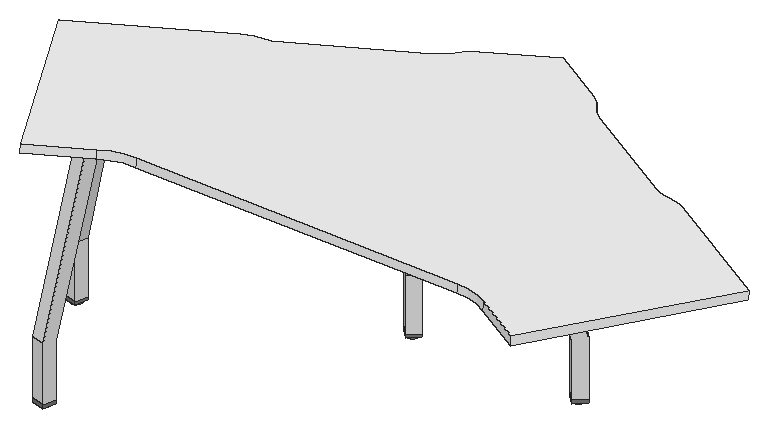
Revit family "Script Angled Leg 120 degree workstation 600 Deep Add on desk pack", category Furniture, Revit 2016
Family settings
  OmniClass Number = 23.40.20.00
  OmniClass Title = General Furniture and Specialties
  Work Plane-Based = No
  Always vertical = Yes
  Cut with Voids When Loaded = No
  Shared = No
  Room Calculation Point = No
Parameters
  URL = "www.gof.co.uk"
  Type Comments = ""
  Product Code = "XDY126A"
  Desktop = Gresham - White MFC
  Model = ""
  Manufacturer = "Gresham Office Furniture"  # constant formula
  Frame = Gresham - Silver Metal
  Foot = Gresham - Black Plastic
  Assembly Code = "E2020200"
Reference planes
  plane 1 "Center (Front/Back)": y = 28.205
  plane 2: z = 0
  plane 3 "Center (Left/Right)": x = 0
  plane 4 "Desktop Underside": z = 702
  plane 5 "Foot": z = 15
  plane 6: y = 588.013
  plane 7: y = -531.603
  plane 8: x = -1039.23
  plane 9: x = 1039.23
Forms (mm)
  Extrusion 1, solid, material "Gresham - White MFC" <- "Desktop"
    sketch origin (-75914.205, -35054.404, 702) x (-1, 0, 0) y (0, -1, 0)
      loop
        line (-76087.41, -35542.417) -> (-75914.205, -35642.417) -> (-75741, -35542.417)
        arc (-75741, -35542.417) -> (-75718.866, -35525.981) -> (-75701.067, -35504.928) r 120
        arc (-75701.067, -35504.928) -> (-75683.269, -35483.875) -> (-75661.135, -35467.44) r 120
        line (-75661.135, -35467.44) -> (-75352.23, -35289.093)
        arc (-75352.23, -35289.093) -> (-75326.93, -35278.143) -> (-75299.798, -35273.255) r 120
        arc (-75299.798, -35273.255) -> (-75272.666, -35268.368) -> (-75247.365, -35257.417) r 120
        line (-75247.365, -35257.417) -> (-74874.974, -35042.417) -> (-75174.974, -34522.802) -> (-75330.859, -34612.802)
        arc (-75330.859, -34612.802) -> (-75379.095, -34632.782) -> (-75430.859, -34639.597) r 200
        line (-75430.859, -34639.597) -> (-76397.551, -34639.597)
        arc (-76397.551, -34639.597) -> (-76449.315, -34632.782) -> (-76497.551, -34612.802) r 200
        line (-76497.551, -34612.802) -> (-76653.435, -34522.802) -> (-76953.435, -35042.417) -> (-76581.045, -35257.417)
        arc (-76581.045, -35257.417) -> (-76555.744, -35268.368) -> (-76528.612, -35273.255) r 120
        arc (-76528.612, -35273.255) -> (-76501.48, -35278.143) -> (-76476.18, -35289.093) r 120
        line (-76476.18, -35289.093) -> (-76167.275, -35467.44)
        arc (-76167.275, -35467.44) -> (-76145.141, -35483.875) -> (-76127.342, -35504.928) r 120
        arc (-76127.342, -35504.928) -> (-76109.544, -35525.981) -> (-76087.41, -35542.417) r 120
    from 0 to 25
  Extrusion 2, solid, material "Gresham - Silver Metal" <- "Frame"
    sketch origin (-300, 385.94, 702) x (0.707107, -0.707107, 0) y (0, 0, 1)
      loop
        line (444.264, -40) -> (444.264, 0) -> (187, 0) -> (50, -523) -> (50, -687) -> (90, -687) -> (90, -528.152) -> (217.872, -40) -> (444.264, -40)
    from -20 to 20
  Extrusion 3, solid, material "Gresham - Black Plastic" <- "Foot"
    sketch origin (0, -514.06, 15) x (0, -1, 0) y (1, 0, 0)
      loop
        line (-850.503, -278.787) -> (-822.218, -250.503) -> (-850.503, -222.218) -> (-878.787, -250.503) -> (-850.503, -278.787)
      loop
        line (-850.503, 278.787) -> (-878.787, 250.503) -> (-850.503, 222.218) -> (-822.218, 250.503) -> (-850.503, 278.787)
    from 0 to -10
  Extrusion 4, solid, material "Gresham - Black Plastic"
    sketch origin (0, -514.06, 0) x (0, 1, 0) y (-1, 0, 0)
      loop
        circle (850.503, 250.503) r 15
      loop
        circle (850.503, -250.503) r 15
    from 0 to 5
  Extrusion 5, solid, material "Gresham - Silver Metal" <- "Frame"
    sketch origin (300, 385.94, 702) x (-0.707107, -0.707107, 0) y (0, 0, 1)
      loop
        line (444.264, -40) -> (444.264, 0) -> (187, 0) -> (50, -523) -> (50, -687) -> (90, -687) -> (90, -528.152) -> (217.872, -40) -> (444.264, -40)
    from -20 to 20
  Extrusion 6, solid, material "Gresham - Silver Metal" <- "Frame"
    sketch origin (-1039.23, -11.987, 702) x (0.965926, -0.258819, 0) y (0, 0, 1)
      loop
        line (444.264, -40) -> (444.264, 0) -> (187, 0) -> (50, -523) -> (50, -687) -> (90, -687) -> (90, -528.152) -> (217.872, -40) -> (444.264, -40)
    from -20 to 20
  Extrusion 7, solid, material "Gresham - Black Plastic" <- "Foot"
    sketch origin (-109.808, 178.205, 15) x (0.866025, 0.5, 0) y (-0.5, 0.866025, 0)
      loop
        line (-850.503, 278.787) -> (-878.787, 250.503) -> (-850.503, 222.218) -> (-822.218, 250.503) -> (-850.503, 278.787)
      loop
        line (-850.503, -278.787) -> (-822.218, -250.503) -> (-850.503, -222.218) -> (-878.787, -250.503) -> (-850.503, -278.787)
    from 0 to -10
  Extrusion 8, solid, material "Gresham - Black Plastic"
    sketch origin (-109.808, 178.205, 0) x (-0.866025, -0.5, 0) y (0.5, -0.866025, 0)
      loop
        circle (850.503, -250.503) r 15
      loop
        circle (850.503, 250.503) r 15
    from 0 to 5
  Extrusion 9, solid, material "Gresham - Silver Metal" <- "Frame"
    sketch origin (-739.23, -531.603, 702) x (0.258819, 0.965926, 0) y (0, 0, -1)
      loop
        line (444.264, 40) -> (217.872, 40) -> (90, 528.152) -> (90, 687) -> (50, 687) -> (50, 523) -> (187, 0) -> (444.264, 0) -> (444.264, 40)
    from -20 to 20
Cuts and joins
  joined: Extrusion 2, Extrusion 5
  joined: Extrusion 6, Extrusion 9
Lines and regions (mm)
  reference lines
    curve 1: line (-300, 385.94, 702) -> (0, 85.94, 702)
    curve 2: line (300, 385.94, 702) -> (0, 85.94, 702)
    curve 3: line (-1039.23, -11.987, 702) -> (-629.423, -121.795, 702)
    curve 4: line (-739.23, -531.603, 702) -> (-629.423, -121.795, 702)
Dimensions and locks
  locked: plane 4 "Desktop Underside" to plane 2 at 702
  locked: plane 2 to plane 5 "Foot" at 15
  equal spacing: plane 7, plane 1 "Center (Front/Back)", plane 6
  plane 7 to plane 6 = 1119.615 mm
  Extrusion 1 to Extrusion 1 = 2078.461 mm
  locked: curve 3 to Extrusion 6 at 50
  locked: curve 2 to cut or joined group of Extrusion 2, Extrusion 5 at 50
  locked: curve 1 to cut or joined group of Extrusion 2, Extrusion 5 at 50
  aligned and locked: level to plane 2
Automatic sketch dimensions
  curve 2 to plane 3 "Center (Left/Right)" = 0 mm
  curve 4 to plane 7 = 0 mm
  plane 1 "Center (Front/Back)" to curve 3 = 150 mm
  curve 3 to plane 3 "Center (Left/Right)" = 629.423 mm
  curve 1 to plane 1 "Center (Front/Back)" = 57.735 mm
  plane 3 "Center (Left/Right)" to curve 2 = 300 mm
  curve 1 to plane 3 "Center (Left/Right)" = 300 mm
  curve 3 to curve 4 = 109.808 mm
  plane 1 "Center (Front/Back)" to curve 3 = 40.192 mm
  plane 6 to curve 1 = 202.073 mm
  Extrusion 1 sketch curve to plane 7 = 0 mm  (x2)
  Extrusion 1 sketch curve to plane 3 "Center (Left/Right)" = 0 mm
  plane 6 to Extrusion 1 sketch curve = 0 mm
  plane 3 "Center (Left/Right)" to Extrusion 1 sketch curve = 113.205 mm
  Extrusion 1 sketch curve to Extrusion 1 sketch curve = 60 mm  (x6)
  Extrusion 1 sketch curve to Extrusion 1 sketch curve = 79.865 mm  (x2)
  plane 6 to Extrusion 1 sketch curve = 71.054 mm  (x2)
  Extrusion 1 sketch curve to plane 7 = 83.205 mm  (x2)
  plane 3 "Center (Left/Right)" to Extrusion 1 sketch curve = 483.346 mm
  Extrusion 1 sketch curve to plane 1 "Center (Front/Back)" = 206.484 mm  (x2)
  Extrusion 1 sketch curve to Extrusion 1 sketch curve = 308.905 mm  (x2)
  plane 7 to Extrusion 1 sketch curve = 90 mm  (x2)
  Extrusion 1 sketch curve to Extrusion 1 sketch curve = 100 mm
  Extrusion 1 sketch curve to plane 1 "Center (Front/Back)" = 70.885 mm  (x2)
  Extrusion 1 sketch curve to Extrusion 1 sketch curve = 44.865 mm  (x2)
  Extrusion 1 sketch curve to plane 1 "Center (Front/Back)" = 174.808 mm  (x2)
  Extrusion 1 sketch curve to Extrusion 1 sketch curve = 104.865 mm  (x2)
  Extrusion 1 sketch curve to Extrusion 1 sketch curve = 155.885 mm  (x2)
  Extrusion 1 sketch curve to plane 3 "Center (Left/Right)" = 113.205 mm
  Extrusion 1 sketch curve to plane 3 "Center (Left/Right)" = 483.346 mm
  plane 6 to Extrusion 1 sketch curve = 100 mm  (x2)
  Extrusion 1 sketch curve to Extrusion 1 sketch curve = 74.977 mm  (x2)
  Extrusion 1 sketch curve to Extrusion 1 sketch curve = 103.923 mm  (x4)
  curve 1 to Extrusion 2 sketch curve = 0 mm
  curve 1 to Extrusion 2 sketch curve = 50 mm
  Extrusion 2 sketch curve to Extrusion 2 sketch curve = 40 mm
  curve 1 to Extrusion 2 sketch curve = 187 mm
  Extrusion 2 sketch curve to Extrusion 2 sketch curve = 30.872 mm
  curve 1 to Extrusion 2 sketch curve = 20 mm
  Extrusion 2 sketch curve to curve 1 = 40 mm
  Extrusion 2 sketch curve to curve 1 = 523 mm
  Extrusion 2 sketch curve to Extrusion 2 sketch curve = 5.152 mm
  Extrusion 2 sketch curve to curve 1 = 687 mm
  plane 6 to Extrusion 3 sketch curve = 223.286 mm  (x2)
  Extrusion 3 sketch curve to Extrusion 3 sketch curve = 28.284 mm  (x6)
  Extrusion 3 sketch curve to plane 3 "Center (Left/Right)" = 278.787 mm
  plane 3 "Center (Left/Right)" to Extrusion 3 sketch curve = 222.218 mm
  plane 6 to Extrusion 4 sketch curve = 251.57 mm  (x2)
  plane 3 "Center (Left/Right)" to Extrusion 4 sketch curve = 250.503 mm
  Extrusion 4 sketch curve to plane 3 "Center (Left/Right)" = 250.503 mm
  Extrusion 5 sketch curve to curve 2 = 0 mm
  curve 2 to Extrusion 5 sketch curve = 50 mm
  Extrusion 5 sketch curve to Extrusion 5 sketch curve = 40 mm
  curve 2 to Extrusion 5 sketch curve = 187 mm
  Extrusion 5 sketch curve to Extrusion 5 sketch curve = 30.872 mm
  curve 2 to Extrusion 5 sketch curve = 20 mm
  Extrusion 5 sketch curve to curve 2 = 40 mm
  Extrusion 5 sketch curve to curve 2 = 523 mm
  Extrusion 5 sketch curve to Extrusion 5 sketch curve = 5.152 mm
  Extrusion 5 sketch curve to curve 2 = 687 mm
  curve 3 to Extrusion 6 sketch curve = 0 mm
  curve 3 to Extrusion 6 sketch curve = 50 mm
  Extrusion 6 sketch curve to Extrusion 6 sketch curve = 40 mm
  curve 3 to Extrusion 6 sketch curve = 187 mm
  Extrusion 6 sketch curve to Extrusion 6 sketch curve = 30.872 mm
  curve 3 to Extrusion 6 sketch curve = 20 mm
  Extrusion 6 sketch curve to curve 3 = 40 mm
  Extrusion 6 sketch curve to curve 3 = 523 mm
  Extrusion 6 sketch curve to Extrusion 6 sketch curve = 5.152 mm
  Extrusion 6 sketch curve to curve 3 = 687 mm
  plane 1 "Center (Front/Back)" to Extrusion 7 sketch curve = 72.452 mm
  Extrusion 7 sketch curve to plane 3 "Center (Left/Right)" = 996.111 mm
  Extrusion 7 sketch curve to Extrusion 7 sketch curve = 0 mm
  Extrusion 7 sketch curve to Extrusion 7 sketch curve = 28.284 mm  (x6)
  Extrusion 7 sketch curve to Extrusion 7 sketch curve = 444.437 mm
  plane 7 to Extrusion 8 sketch curve = 67.615 mm
  Extrusion 8 sketch curve to plane 3 "Center (Left/Right)" = 721.113 mm
  Extrusion 8 sketch curve to Extrusion 8 sketch curve = 0 mm
  Extrusion 8 sketch curve to Extrusion 8 sketch curve = 501.005 mm
  plane 5 "Foot" to Extrusion 9 sketch curve = 0 mm
  plane 4 "Desktop Underside" to Extrusion 9 sketch curve = 0 mm
  plane 5 "Foot" to Extrusion 9 sketch curve = 164 mm
  Extrusion 9 sketch curve to Extrusion 9 sketch curve = 40 mm
  Extrusion 9 sketch curve to Extrusion 9 sketch curve = 97 mm
  Extrusion 9 sketch curve to Extrusion 9 sketch curve = 30.872 mm
  Extrusion 9 sketch curve to Extrusion 9 sketch curve = 226.392 mm
  Extrusion 9 sketch curve to plane 4 "Desktop Underside" = 40 mm
  Extrusion 9 sketch curve to Extrusion 9 sketch curve = 5.152 mm
  radius of Extrusion 4 sketch curve = 15 mm  (x2)
  radius of Extrusion 8 sketch curve = 15 mm  (x2)
